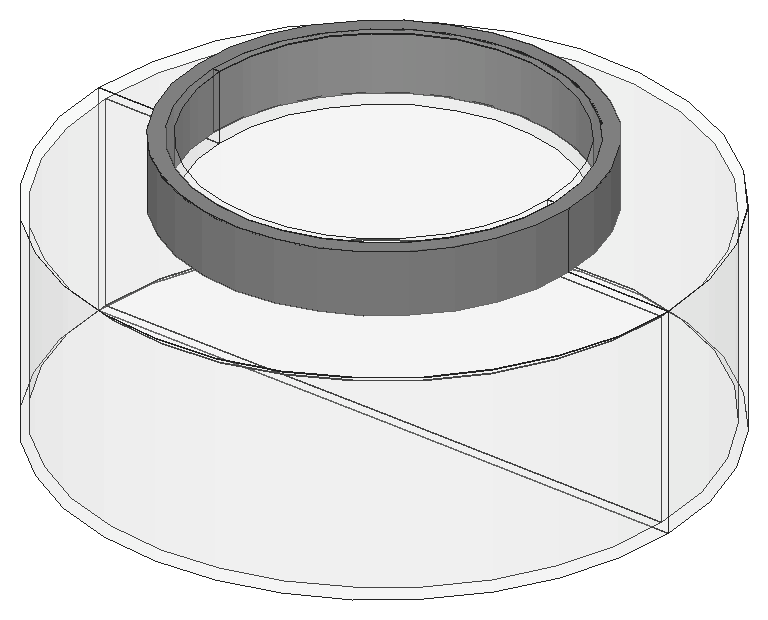
Revit family
Parameters (values of type "60W 백열")
  Wattage = 60 W
  built-in parameter 1150110 = 1 (stored number, unit not read)
  built-in parameter 1114217 = 1 (stored number, unit not read)
  built-in parameter 1150109 = 1 (stored number, unit not read)
  built-in parameter 1150134 = 4
  built-in parameter 1150113 = 1 (stored number, unit not read)
  반지름 = 127.00 mm
  금속 = 금속 - 페인트 마감 - 진회색, 무광
  Lumens = 855 lm
  built-in parameter 1150115 = 1 (stored number, unit not read)
  built-in parameter 1150105 = 272.15 (stored number, unit not read)
  Light Source Symbol Size = 609.60 mm
  built-in parameter 1150137 = (empty or 0)
  built-in parameter 1150139 = (empty or 0)
  built-in parameter 1150112 = 1 (stored number, unit not read)
  built-in parameter 1150114 = 1 (stored number, unit not read)
  Lamp = "A-19"
  built-in parameter 1150132 = (empty or 0)
  built-in parameter 1150102 = (empty or 0)
  built-in parameter 1150138 = (empty or 0)
  built-in parameter 1150107 = 2800 (stored number, unit not read)
  built-in parameter 1150106 = 2.7215 (stored number, unit not read)
  유리 = 유리 - 흰색, 높은 휘도
  Emit from Circle Diameter = 지름  # 254.00 mm
  Emit Shape Visible in Rendering = no
  built-in parameter 1150104 = 1.3239 (stored number, unit not read)
  Dimming Lamp Color Temperature Shift = (empty or 0)
  지름 = 2 * 반지름  # 254.00 mm
  Color Filter = 16777215
  built-in parameter 1114218 = 1 (stored number, unit not read)
  built-in parameter 1150133 = 10 (stored number, unit not read)
Types (3, lengths in mm): name | Wattage | Lumens | built-in parameter 1150105 | built-in parameter 1150106 | built-in parameter 1150104
  (no name) | 60 W | 855 lm | 272.15 (stored number, unit not read) | 2.7215 (stored number, unit not read) | 1.3239 (stored number, unit not read)
  60W 백열 | 60 W | 855 lm | 272.15 (stored number, unit not read) | 2.7215 (stored number, unit not read) | 1.3239 (stored number, unit not read)
  100W 백열 | 100 W | 1750 lm | 557.04 (stored number, unit not read) | 5.5704 (stored number, unit not read) | 1.6258 (stored number, unit not read)
Reference planes
  plane 1 "중심(앞/뒤)": y = 0
  plane 2 "천장": z = 2438.4
  plane 3 "중심(왼쪽/오른쪽)": x = 0
  plane 4 "광원 입면도": z = 2387.6
  plane 5: x = -76.2
  plane 6: x = -127
  plane 7: z = 2324.1
  plane 8: z = 2413
Forms (mm)
  Revolve 1, solid, material "유리 - 흰색, 높은 휘도" <- "유리"
    sketch origin (0, 0, 0) x (0, 0, -1) y (1, 0, 0)
      loop
        line (-2438.4, -76.2) -> (-2413, -76.2) -> (-2413, -127) -> (-2324.1, -127) -> (-2324.1, 0) -> (-2327.275, 0) -> (-2327.275, -123.825) -> (-2409.825, -123.825) -> (-2409.825, -73.025) -> (-2438.4, -73.025) -> (-2438.4, -76.2)
      axis (-2438.4, 0) -> (-2324.1, 0)
    angle from 0 to 360
  Extrusion 2, solid, material "금속 - 페인트 마감 - 진회색, 무광" <- "금속"
    sketch origin (0, 0, 2438.4) x (1, 0, 0) y (0, 1, 0)
      loop
        circle (0, 0) r 82.55
      loop
        circle (0, 0) r 76.2
    from -25.4 to 0
Lines and regions (mm)
  sketch lines
    curve 1: line (-1524, 1524, 0) -> (1524, 1524, 0)
    curve 2: line (-1524, 1524, 0) -> (-1524, -1524, 0)
    curve 3: line (-1524, -1524, 0) -> (1524, -1524, 0)
    curve 4: line (1524, 1524, 0) -> (1524, -1524, 0)
  model lines
    curve 5: arc (-127, 0, 2438.4) -> (0, 127, 2438.4) -> (127, 0, 2438.4) r 127
    curve 6: arc (-73.025, 0, 2438.4) -> (0, 73.025, 2438.4) -> (73.025, 0, 2438.4) r 73.025
    curve 7: arc (127, 0, 2438.4) -> (0, -127, 2438.4) -> (-127, 0, 2438.4) r 127
    curve 8: arc (73.025, 0, 2438.4) -> (0, -73.025, 2438.4) -> (-73.025, 0, 2438.4) r 73.025
Dimensions and locks
  equal spacing: curve 2, plane 3 "중심(왼쪽/오른쪽)", curve 4
  equal spacing: curve 3, plane 1 "중심(앞/뒤)", curve 1
  curve 2 to curve 4 = 3048.00 mm
  curve 3 to curve 1 = 3048.00 mm
  plane 2 "천장" to plane 7 = 114.30 mm
  "반지름": plane 6 to plane 3 "중심(왼쪽/오른쪽)"
  aligned and locked: curve 5 to Revolve 1
  aligned and locked: curve 6 to Revolve 1
  aligned and locked: Revolve 1 to Extrusion 2
  aligned and locked: plane 2 "천장" to Extrusion 2
  aligned and locked: plane 3 "중심(왼쪽/오른쪽)" to imposter light
  aligned and locked: plane 1 "중심(앞/뒤)" to imposter light
  aligned and locked: plane 4 "광원 입면도" to imposter light
Automatic sketch dimensions
  Revolve 1 sketch curve to plane 3 "중심(왼쪽/오른쪽)" = 0.00 mm  (x2)
  Revolve 1 sketch curve to plane 2 "천장" = 0.00 mm
  Revolve 1 sketch curve to plane 5 = 0.00 mm
  Revolve 1 sketch curve to plane 8 = 0.00 mm
  Revolve 1 sketch curve to plane 7 = 0.00 mm
  Revolve 1 sketch curve to plane 6 = 0.00 mm
  plane 2 "천장" to Revolve 1 sketch curve = 25.40 mm
  plane 8 to Revolve 1 sketch curve = 3.175 mm
  Revolve 1 sketch curve to plane 7 = 3.175 mm
  plane 7 to Revolve 1 sketch curve = 25.40 mm
  Revolve 1 sketch curve to plane 6 = 3.175 mm
  Revolve 1 sketch curve to plane 5 = 3.175 mm
  Extrusion 2 sketch curve to plane 1 "중심(앞/뒤)" = 0.00 mm  (x2)
  Extrusion 2 sketch curve to plane 3 "중심(왼쪽/오른쪽)" = 0.00 mm  (x2)
  Extrusion 2 sketch curve to plane 3 "중심(왼쪽/오른쪽)" = 76.20 mm
  Extrusion 2 sketch curve to Extrusion 2 sketch curve = 6.35 mm
